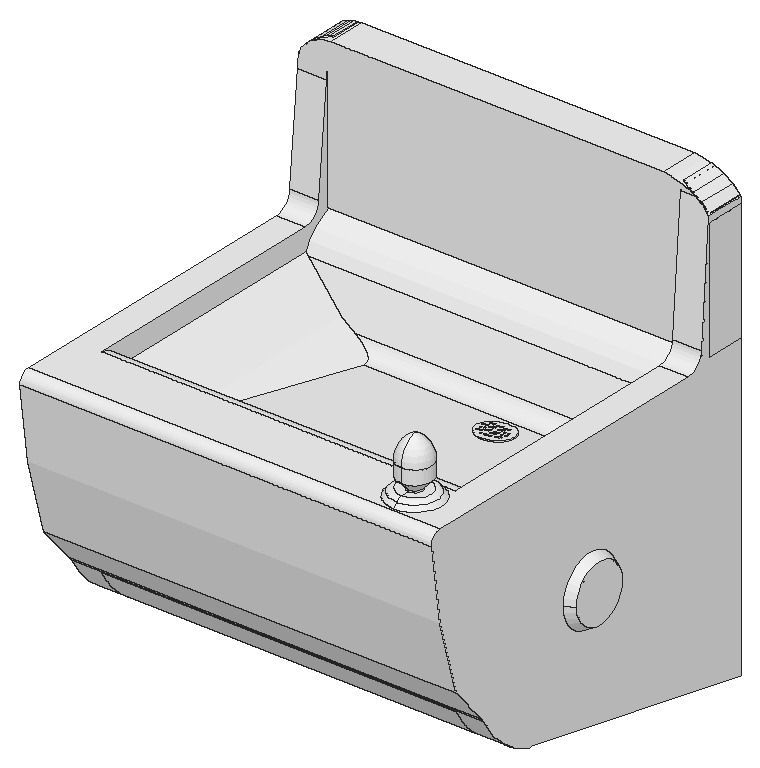
Revit family
Parameters (values of type "Parametric")
  Subcategory = "Drinking Fountain"
  SmartBIM Object Version = 3  # constant formula
  SmartBIM Object Created By = "Reed Construction Data"  # constant formula
  Material = Stainless steel
  Manufacturer = ""
  Default Elevation = 4' - 0"
  Assembly Code = "D2010810"
  95 CSI = "15410"
  04 CSI = "22 47 13"
Reference planes (in)
  plane 1: z = 0
  plane 2 "Center (Left/Right)": x = 0
  plane 3: z = 41.75
  plane 4 "Sink top": z = 40
  plane 5: x = 14.25
  plane 6: y = 16.50381
  plane 7: y = 3.12799
  plane 8: z = 43.98402
Forms (in)
  Extrusion 1, solid, material "Stainless steel" <- "Material"
    sketch origin (0, 20.20642, -1.49334) x (0, -1, 0) y (0, 0, -1)
      loop
        line (13.99203, -33.28524) -> (3.70262, -31.22735) -> (3.70262, -46.92188) -> (4.5893, -46.92188)
        arc (4.5893, -46.92188) -> (4.83645, -46.82641) -> (4.95523, -46.58958) r 0.36764
        line (4.95523, -46.58958) -> (5.39216, -42.06522)
        arc (5.39216, -42.06522) -> (5.55966, -41.66084) -> (5.96404, -41.49334) r 0.57188
        line (5.96404, -41.49334) -> (16.13617, -41.49334)
        arc (16.13617, -41.49334) -> (16.39613, -41.38566) -> (16.50381, -41.1257) r 0.36764
        arc (16.50381, -41.1257) -> (16.07025, -38.14526) -> (15.12894, -35.28433) r 17.38996
        arc (15.12894, -35.28433) -> (14.73827, -34.43068) -> (14.21628, -33.65038) r 5.85934
        arc (14.21628, -33.65038) -> (14.10997, -33.46424) -> (13.99203, -33.28524) r 3.36453
    from 0 to 1
  Extrusion 2, solid, material "Stainless steel" <- "Material"
    sketch origin (0, 19.63179, -1.49334) x (0, -1, 0) y (0, 0, -1)
      loop
        line (14.19717, -41.49334) -> (16.13617, -41.49334)
        arc (16.13617, -41.49334) -> (16.39613, -41.38566) -> (16.50381, -41.1257) r 0.36764
        arc (16.50381, -41.1257) -> (16.16684, -38.58063) -> (15.45885, -36.11291) r 17.38996
        line (15.45885, -36.11291) -> (14.21628, -34.65038)
        arc (14.21628, -34.65038) -> (13.39686, -33.64027) -> (12.25554, -33.01643) r 3.36453
        line (12.25554, -33.01643) -> (12.18723, -33.0392) -> (3.12799, -31.22735) -> (3.12799, -41.72141)
        arc (3.12799, -41.72141) -> (4.48909, -41.62755) -> (5.44431, -40.65341) r 1.92025
        line (5.44431, -40.65341) -> (6.04928, -39.27063)
        arc (6.04928, -39.27063) -> (6.31859, -38.96814) -> (6.71441, -38.8824) r 0.65358
        line (6.71441, -38.8824) -> (12.65398, -39.48854)
        arc (12.65398, -39.48854) -> (12.99498, -39.62908) -> (13.2056, -39.93185) r 0.65358
        line (13.2056, -39.93185) -> (13.57713, -41.04644)
        arc (13.57713, -41.04644) -> (13.81501, -41.36997) -> (14.19717, -41.49334) r 0.65358
    from 0 to 14.25
  Revolve 3, solid, material "Stainless steel" <- "Material"
    sketch origin (12.55934, 18.05691, -1.49334) x (0, -1, 0) y (0, 0, -1)
      loop
        line (13.53717, -41.49334) -> (12.62229, -41.49334) -> (12.74775, -41.63275)
        arc (12.74775, -41.63275) -> (12.84777, -41.70544) -> (12.96871, -41.73115) r 0.29727
        line (12.96871, -41.73115) -> (13.29084, -41.73115) -> (13.29084, -41.79287) -> (12.95927, -42.12444) -> (12.95927, -42.61225)
        arc (12.95927, -42.61225) -> (13.11765, -43.12276) -> (13.53717, -43.45399) r 0.90197
        line (13.53717, -43.45399) -> (13.53717, -41.49334)
      axis (13.53717, -41.49334) -> (13.53717, -43.45399)
    angle from 0 to 360
  Extrusion 4, solid, material "Stainless steel" <- "Material"
    sketch origin (0, 19.63179, -2.11834) x (1, 0, 0) y (0, 0, -1)
      loop
        arc (1, -41.3757) -> (4.49535, -39.29091) -> (8.5, -38.56522) r 11.41243
        line (8.5, -38.56522) -> (1, -38.56522) -> (1, -41.3757)
    from -14.36486 to -3.72031
  Extrusion 5, solid, material "Stainless steel" <- "Material"
    sketch origin (15.25, 19.63179, -1.86834) x (-1, 0, 0) y (0, 0, 1)
      loop
        line (1.21047, 40.94663) -> (1.21047, 38.31522) -> (8.5, 38.31522)
        arc (8.5, 38.31522) -> (4.62503, 38.99321) -> (1.21047, 40.94663) r 11.41243
    from -15.35812 to -4.47031
  Extrusion 6, solid, material "Stainless steel" <- "Material"
    sketch origin (0, 19.63179, -1.49334) x (1, 0, 0) y (0, 0, -1)
      loop
        line (1, -46.89083) -> (13.25, -46.89083)
        arc (13.25, -46.89083) -> (13.95711, -46.59793) -> (14.25, -45.89083) r 1
        line (14.25, -45.89083) -> (14.25, -41.72141) -> (0, -41.72141) -> (0, -45.89083)
        arc (0, -45.89083) -> (0.29289, -46.59793) -> (1, -46.89083) r 1
    from -3.12799 to -4.47031
  Extrusion 7, solid, material "Stainless steel" <- "Material"
    sketch origin (14.25, 20.20642, -1.49334) x (0, -1, 0) y (0, 0, 1)
      loop
        arc (13.99203, 33.28524) -> (14.10997, 33.46424) -> (14.21628, 33.65038) r 3.36453
        arc (14.21628, 33.65038) -> (14.73827, 34.43068) -> (15.12894, 35.28433) r 5.85934
        arc (15.12894, 35.28433) -> (16.07025, 38.14526) -> (16.50381, 41.1257) r 17.38996
        arc (16.50381, 41.1257) -> (16.39613, 41.38566) -> (16.13617, 41.49334) r 0.36764
        line (16.13617, 41.49334) -> (5.96404, 41.49334)
        arc (5.96404, 41.49334) -> (5.55966, 41.66084) -> (5.39216, 42.06522) r 0.57188
        line (5.39216, 42.06522) -> (5.04384, 46.55164)
        arc (5.04384, 46.55164) -> (4.927, 46.79302) -> (4.6773, 46.89083) r 0.36764
        line (4.6773, 46.89083) -> (3.70262, 46.89083) -> (3.70262, 31.22735) -> (13.99203, 33.28524)
    from 0 to 1
  Blend 8, solid, material "Stainless steel" <- "Material"
    base sketch origin (14.25, 19.63179, 0) x (0, -1, 0) y (0, 0, 1)
      loop
        circle (9.66085, 35.28433) r 1.28592
    top sketch origin (14.25, 19.63179, 0) x (0, -1, 0) y (0, 0, 1)
      loop
        circle (9.66085, 35.28433) r 0.98037
    from 0.21047 to -0.3369
  Extrusion 9, void
    sketch origin (-0.625, 0, -4.25714) x (1, 0, 0) y (0, 0, 1)
      loop
        line (-0.09384, 48.39645) -> (0.51331, 48.39645)
        arc (0.51331, 48.39645) -> (0.88183, 49.28612) -> (1.7715, 49.65463) r 1.25818
        line (1.7715, 49.65463) -> (13.29083, 49.65463)
        arc (13.29083, 49.65463) -> (14.40966, 49.30154) -> (15.15616, 48.39645) r 2.06725
        line (15.15616, 48.39645) -> (15.40616, 54.45848) -> (-0.09384, 54.45848) -> (-0.09384, 48.39645)
    from -13.91148 to -18.37017
  Extrusion 10, void
    sketch origin (0, 0, 0) x (0, 1, 0) y (0, 0, 1)
      loop
        line (5.38726, 33.2116) -> (5.26693, 33.33193)
        arc (5.26693, 33.33193) -> (5.59384, 32.72312) -> (5.99015, 32.15704) r 5.85934
        arc (5.99015, 32.15704) -> (6.09645, 31.9709) -> (6.21439, 31.7919) r 3.36453
        line (6.21439, 31.7919) -> (7.14344, 31.60609)
        arc (7.14344, 31.60609) -> (6.11868, 32.24841) -> (5.38726, 33.2116) r 3.36453
    from -1.77577 to 14.5869
  Extrusion 11, solid, material "Stainless steel" <- "Material"
    sketch origin (14.25, 20.20642, -1.49334) x (0, -1, 0) y (0, 0, 1)
      loop
        line (13.06298, 33.09943) -> (13.90166, 33.58364)
        arc (13.90166, 33.58364) -> (14.60945, 34.36605) -> (15.12894, 35.28433) r 4.79388
        arc (15.12894, 35.28433) -> (16.07025, 38.14526) -> (16.50381, 41.1257) r 17.38996
        arc (16.50381, 41.1257) -> (16.39613, 41.38566) -> (16.13617, 41.49334) r 0.36764
        line (16.13617, 41.49334) -> (5.96404, 41.49334)
        arc (5.96404, 41.49334) -> (5.55966, 41.66084) -> (5.39216, 42.06522) r 0.57188
        line (5.39216, 42.06522) -> (4.95514, 46.46557)
        arc (4.95514, 46.46557) -> (4.83608, 46.70174) -> (4.5893, 46.79688) r 0.36764
        line (4.5893, 46.79688) -> (3.70262, 46.79688) -> (3.70262, 31.22735) -> (13.06298, 33.09943)
    from 0 to 1
  Extrusion 12, solid, material "Stainless steel" <- "Material"
    sketch origin (14.25, 20.20642, -1.49334) x (0, -1, 0) y (0, 0, 1)
      loop
        line (3.70262, 31.22735) -> (12.76186, 33.0392) -> (12.83017, 33.01643) -> (13.06298, 33.09943)
        arc (13.06298, 33.09943) -> (14.08774, 33.74175) -> (14.81917, 34.70494) r 3.36453
        line (14.81917, 34.70494) -> (14.93949, 34.82526) -> (16.03348, 36.11291)
        arc (16.03348, 36.11291) -> (16.74148, 38.58063) -> (17.07844, 41.1257) r 17.38996
        arc (17.07844, 41.1257) -> (16.97076, 41.38566) -> (16.7108, 41.49334) r 0.36764
        line (16.7108, 41.49334) -> (5.96404, 41.49334)
        arc (5.96404, 41.49334) -> (5.55966, 41.66084) -> (5.39216, 42.06522) r 0.57188
        line (5.39216, 42.06522) -> (5.04124, 45.69894)
        arc (5.04124, 45.69894) -> (4.87969, 46.02104) -> (4.54356, 46.15088) r 0.5
        line (4.54356, 46.15088) -> (3.70262, 46.15088) -> (3.70262, 31.22735)
    from 0 to 1
  Extrusion 13, solid, material "Stainless steel" <- "Material"
    sketch origin (0, -3.80504, 1.46677) x (1, 0, 0) y (0, 0.994522, -0.104528)
      loop
        circle (9.24461, 12.09127) r 0.62067
      loop
        circle (8.86361, 12.3857) r 0.03664
      loop
        circle (8.96724, 12.4278) r 0.03664
      loop
        circle (9.11361, 12.3857) r 0.03664
      loop
        circle (9.21724, 12.4278) r 0.03664
      loop
        circle (9.36361, 12.3857) r 0.03664
      loop
        circle (9.46724, 12.4278) r 0.03664
      loop
        circle (9.507, 12.18092) r 0.03664
      loop
        circle (9.61063, 12.22302) r 0.03664
      loop
        circle (9.55261, 12.01071) r 0.03664
      loop
        circle (9.65624, 12.05281) r 0.03664
      loop
        circle (9.50207, 11.82209) r 0.03664
      loop
        circle (9.6057, 11.86419) r 0.03664
      loop
        circle (9.25242, 11.70567) r 0.03664
      loop
        circle (9.35605, 11.74777) r 0.03664
      loop
        circle (9.05791, 11.70567) r 0.03664
      loop
        circle (9.16154, 11.74777) r 0.03664
      loop
        circle (8.84141, 11.83067) r 0.03664
      loop
        circle (8.94504, 11.87277) r 0.03664
      loop
        circle (8.80955, 12.01136) r 0.03664
      loop
        circle (8.91318, 12.05346) r 0.03664
      loop
        circle (8.73775, 12.20863) r 0.03664
      loop
        circle (8.84138, 12.25073) r 0.03664
      loop
        circle (8.98775, 12.20863) r 0.03664
      loop
        circle (9.09138, 12.25073) r 0.03664
      loop
        circle (9.27515, 12.23378) r 0.03664
      loop
        circle (9.37878, 12.27587) r 0.03664
      loop
        circle (9.27515, 12.02948) r 0.03664
      loop
        circle (9.37878, 12.07158) r 0.03664
      loop
        circle (9.02895, 11.98607) r 0.03664
      loop
        circle (9.13257, 12.02817) r 0.03664
      loop
        circle (9.26387, 11.90056) r 0.03664
      loop
        circle (9.3675, 11.94266) r 0.03664
    from 37.49225 to 37.37777
  Extrusion 14, solid, material "Stainless steel" <- "Material"
    sketch origin (14.24982, 20.20642, -1.49334) x (0, -1, 0) y (0, 0, 1)
      loop
        arc (13.06298, 33.09943) -> (14.08774, 33.74175) -> (14.81917, 34.70494) r 3.36453
        line (14.81917, 34.70494) -> (15.20974, 35.4762)
        arc (15.20974, 35.4762) -> (16.09379, 38.24666) -> (16.50381, 41.1257) r 17.38996
        arc (16.50381, 41.1257) -> (16.39613, 41.38566) -> (16.13617, 41.49334) r 0.36764
        line (16.13617, 41.49334) -> (5.96404, 41.49334)
        arc (5.96404, 41.49334) -> (5.58354, 41.63829) -> (5.39593, 41.99966) r 0.57188
        line (5.39593, 41.99966) -> (4.95523, 45.81858)
        arc (4.95523, 45.81858) -> (4.83645, 46.05541) -> (4.5893, 46.15088) r 0.36764
        line (4.5893, 46.15088) -> (3.70262, 46.15088) -> (3.70262, 31.22735) -> (13.06298, 33.09943)
    from 0 to 1
Cuts and joins
  Extrusion 9, Extrusion 10 cuts Extrusion 1
  Extrusion 9, Extrusion 10 cuts Extrusion 2
  Extrusion 9, Extrusion 10 cuts Extrusion 7
  joined: Extrusion 1, Extrusion 2, Revolve 3, Extrusion 7, Blend 8, Extrusion 11, Extrusion 12, Extrusion 14
  Extrusion 9, Extrusion 10 cuts Extrusion 6
Lines and regions (in)
  symbolic lines
    curve 1: line (14.25, 16.50381, 40) -> (0, 16.50381, 40)
    curve 2: line (0, 16.50381, 40) -> (0, 3.12799, 40)
    curve 3: line (0, 3.12799, 40) -> (14.25, 3.12799, 40)
    curve 4: line (14.25, 3.12799, 40) -> (14.25, 16.50381, 40)
    curve 5: line (1, 15.16148, 40) -> (13.25, 15.16148, 40)
    curve 6: line (1, 5.43463, 40) -> (1, 15.16148, 40)
    curve 7: line (13.25, 15.16148, 40) -> (13.25, 5.38726, 40)
    curve 8: line (1, 14.24238, 40) -> (3.41481, 13.59534, 40)
    curve 9: line (3.41481, 13.59534, 40) -> (11.66481, 13.59534, 40)
    curve 10: line (11.66481, 13.59534, 40) -> (13.25, 14.02009, 40)
    curve 11: line (1, 5.65281, 40) -> (3.41481, 6.29986, 40)
    curve 12: line (3.41481, 6.29986, 40) -> (11.66481, 6.29986, 40)
    curve 13: line (11.66481, 6.29986, 40) -> (13.25, 5.87511, 40)
    curve 14: line (3.41481, 6.29986, 40) -> (3.41481, 13.59534, 40)
    curve 15: line (11.66481, 13.59534, 40) -> (11.66481, 6.29986, 40)
    curve 16: arc (12.55934, 5.43463, 40) -> (13.47423, 4.51974, 40) -> (12.55934, 3.60485, 40) r 0.91489
    curve 17: arc (12.55934, 3.60485, 40) -> (11.64445, 4.51974, 40) -> (12.55934, 5.43463, 40) r 0.91489
    curve 18: line (12.55934, 5.43463, 40) -> (1, 5.43463, 40)
    curve 19: line (1, 5.43463, 40) -> (1, 14.24238, 40)
    curve 20: line (0, 14.24238, 40) -> (0, 3.12799, 40)
    curve 21: line (14.25, 3.49562, 40) -> (14.25, 4.07026, 40)
    curve 22: line (14.25, 3.12799, 40) -> (14.25, 14.24238, 40)
    curve 23: line (13.25, 14.24238, 40) -> (13.25, 5.43463, 40)
    curve 24: line (13.25, 5.43463, 40) -> (12.55934, 5.43463, 40)
    curve 25: arc (12.55934, 5.09764, 40) -> (13.13724, 4.51974, 40) -> (12.55934, 3.94184, 40) r 0.5779
    curve 26: arc (12.55934, 5.09764, 40) -> (11.98144, 4.51974, 40) -> (12.55934, 3.94184, 40) r 0.5779
    curve 27: line (14.5869, 8.99057, 40) -> (14.5869, 10.95131, 40)
    curve 28: line (14.5869, 10.95131, 40) -> (14.25, 11.14582, 40)
    curve 29: line (14.5869, 8.99057, 40) -> (14.25, 8.80383, 40)
Dimensions and locks (in)
  Extrusion 2 sketch curve to Extrusion 2 sketch curve = 1' - 1.37582"
  plane 2 "Center (Left/Right)" to plane 5 = 1' - 2 1/4"
  plane 6 to plane 7 = 1' - 1.37582"
  aligned and locked: Revolve 3 sketch curve to Revolve 3 sketch curve
  aligned and locked: Extrusion 4 to Extrusion 5
  aligned and locked: curve 1 to cut or joined group of Extrusion 6, Extrusion 9, Extrusion 10
  aligned and locked: curve 2 to cut or joined group 1 (Extrusion 1, Extrusion 2, Revolve 3, Extrusion 7, Blend 8, Extrusion 9, Extrusion 10, Extrusion 11, Extrusion 12, Extrusion 14)
  aligned and locked: curve 3 to cut or joined group 1
  aligned and locked: curve 4 to cut or joined group 1
  aligned and locked: cut or joined group of Extrusion 6, Extrusion 9, Extrusion 10 to curve 5
  aligned and locked: curve 6 to cut or joined group 1
  aligned and locked: cut or joined group 1 to curve 7
  aligned and locked: curve 16 to cut or joined group 1
  aligned and locked: curve 17 to cut or joined group 1
  aligned and locked: curve 18 to cut or joined group 1
  aligned and locked: curve 19 to cut or joined group 1
  aligned and locked: cut or joined group 1 to curve 20
  aligned and locked: cut or joined group 1 to curve 21
  aligned and locked: cut or joined group 1 to curve 22
  aligned and locked: cut or joined group 1 to curve 23
  aligned and locked: curve 24 to cut or joined group 1
  aligned and locked: curve 25 to cut or joined group 1
  aligned and locked: curve 26 to cut or joined group 1
  aligned and locked: curve 27 to cut or joined group 1
